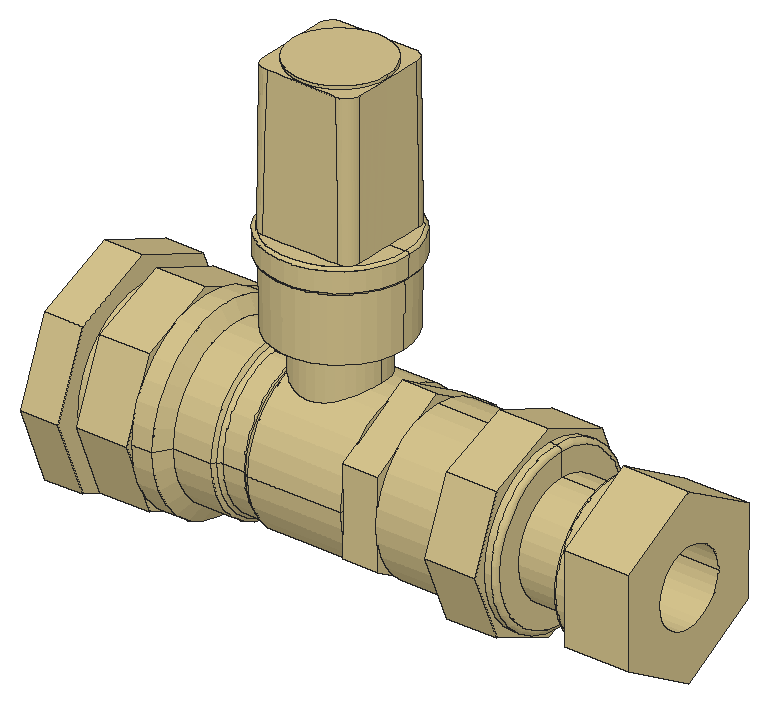
Revit family "QH00050000", category Apparecchi idraulici, Revit 2016
Family settings
  Tipo di parte = Normale
  Quota connettore circolare = Usa diametro
  Numero OmniClass = 23.45.00.00
  Titolo OmniClass = Sanitary, Laundry, and Cleaning Equipment
  Basato su piano di lavoro = No
  Sempre verticale = Sì
  Taglio con vuoti quando caricato = No
  Condiviso = No
  Punto di calcolo locali = No
Parameters
  URL = "https://web.cimberio.it/index.php/figura/986?subcategoria_id=43550"
  Produttore = "CIMBERIO SPA"
  Modello = "Cim 278/206"
  DN Model [instance] = QH00053139 : QH00053139
  DN [instance] = 15 mm
Reference planes
  plane 1 "Centro (Fronte/Retro)": y = 0
  plane 2: z = 0
  plane 3 "Centro (Sinistra/Destra)": x = 0
Dimensions and locks
  aligned and locked: level to plane 2
Nested families
  nested 1: "QH00053139" at (0, 0, 0), type <- "DN Model", type "QH00053139"
  nested 2: "QH00053139" at (0, 0, 0), type <- "DN Model", type "QH00053139"
  nested 3: "QH00053139" at (0, 0, 0), type <- "DN Model", type "QH00053139"
  nested 4: "QH00053139" at (0, 0, 0), type <- "DN Model", type "QH00053139"
Connectors
  piping at (70.4, 0, 0), diameter 15, driven by "DN"
    settings: on nested 1, index 1, connector inside diameter 609.6 mm, connector length 0 mm, flow factor 0, pipe flow 0.0 L/s, pressure drop 0.0 Pa, fitting loss kfactor 0, connector angle 0.00°, fixture units 0, engagement length 0 mm, angle of deflection 0.00°, flow configuration 0, flow direction 0, fitting loss method 0, system type 7, joint type 0, gender type 0, connector reference index -1, connector utility 0, adjustable connector no, is connector primary yes, connector description ""
  piping at (-47.388, 0, 0), diameter 15, driven by "DN"
    settings: on nested 1, index 2, connector inside diameter 609.6 mm, connector length 0 mm, flow factor 0, pipe flow 0.0 L/s, pressure drop 0.0 Pa, fitting loss kfactor 0, connector angle 0.00°, fixture units 0, engagement length 0 mm, angle of deflection 0.00°, flow configuration 0, flow direction 0, fitting loss method 0, system type 7, joint type 0, gender type 0, connector reference index -1, connector utility 0, adjustable connector no, is connector primary no, connector description ""
Definition of nested family "QH00053139"
  Parameters (values of type "QH00053139")
    Model = "QD40403139"
    DN [instance] = "3/4\""
  Reference planes
    plane 1 "Centro (Fronte/Retro)": y = 0
    plane 2: z = 0
    plane 3 "Centro (Sinistra/Destra)": x = 0
  Forms (mm)
    Revolve 1, solid
      sketch origin (0, 0, 0) x (1, 0, 0) y (0, 0, 1)
        loop
          line (0.063, 27.3) -> (0.063, 11.623) -> (8.5, 11.623) -> (8.5, 21)
          arc (8.5, 21) -> (8.863, 21.294) -> (9, 21.742) r 0.8
          line (9, 21.742) -> (9, 27.3) -> (0.063, 27.3)
        axis (0.063, 11.623) -> (0.063, 27.3)
      angle from 0 to 360
    Revolve 2, solid
      sketch origin (0, 0, 0) x (1, 0, 0) y (0, 0, 1)
        loop
          line (0, 30.531) -> (-6.985, 30.531) -> (-6.985, 27.3) -> (0, 27.3) -> (0, 30.531)
        axis (0, 30.531) -> (0, 27.3)
      angle from 0 to 360
    Revolve 3, solid
      sketch origin (0, 0, 0) x (1, 0, 0) y (0, 0, 1)
        loop
          line (54.9, 11) -> (44.7, 11) -> (44.7, 7.5) -> (54.9, 7.5) -> (54.9, 11)
        axis (44.7, 0) -> (54.9, 0)
      angle from 0 to 360
    Revolve 4, solid
      sketch origin (27.2, 0, 0) x (1, 0, 0) y (0, 0, 1)
        loop
          arc (28.2, 14.75) -> (27.846, 14.604) -> (27.7, 14.25) r 0.5
          line (27.7, 14.25) -> (27.7, 7.5) -> (30.262, 7.5) -> (30.262, 14.75) -> (28.2, 14.75)
        axis (27.7, 0) -> (30.262, 0)
      angle from 0 to 360
    Extrusion 5, solid
      sketch origin (10, 0, 0) x (0, 1, 0) y (0, 0, 1)
        loop
          circle (0, 0) r 7.5
        loop
          line (0, 17.4) -> (-15.069, 8.7) -> (-15.069, -8.7) -> (0, -17.4) -> (15.069, -8.7) -> (15.069, 8.7) -> (0, 17.4)
      from 47.4 to 60.4
    Extrusion 6, solid
      sketch origin (0, 0, 0) x (1, 0, 0) y (0, 0, 1)
        loop
          line (-13, 26.395) -> (-13, 19.375) -> (-12, 18.798) -> (-12, 10.345) -> (-7.86, 10.345) -> (-7.86, 26.395) -> (-13, 26.395)
      from -1.5 to 1.5
    Revolve 7, solid
      sketch origin (0, 0, 0) x (1, 0, 0) y (0, 1, 0)
        loop
          line (-27, 7.5) -> (12.6, 7.5) -> (12.6, 15.5) -> (-6.215, 15.5) -> (-6.893, 15.108)
          arc (-6.893, 15.108) -> (-7.229, 14.844) -> (-7.646, 14.75) r 0.971
          line (-7.646, 14.75) -> (-11.943, 14.75)
          arc (-11.943, 14.75) -> (-12.437, 14.887) -> (-12.799, 15.25) r 1
          line (-12.799, 15.25) -> (-13.232, 16) -> (-21, 16) -> (-22.732, 19) -> (-27, 19) -> (-27, 7.5)
        axis (-27, 0) -> (12.6, 0)
      angle from 0 to 360
    Extrusion 8, solid
      sketch origin (0, 0, 0) x (0, 1, 0) y (0, 0, 1)
        loop
          circle (0, 0) r 7.5
        loop
          line (0, 17.25) -> (-14.939, 8.625) -> (-14.939, -8.625) -> (0, -17.25) -> (14.939, -8.625) -> (14.939, 8.625) -> (0, 17.25)
      from 12.6 to 19.6
    Extrusion 9, solid
      sketch origin (-11, 0, 0) x (0, 0, 1) y (0, 1, 0)
        loop
          circle (0, 0) r 7.5
        loop
          line (20.15, 0) -> (14.248, 14.248) -> (0, 20.15) -> (-14.248, 14.248) -> (-20.15, 0) -> (-14.248, -14.248) -> (0, -20.15) -> (14.248, -14.248) -> (20.15, 0)
      from 16 to 26
    Revolve 10, solid
      sketch origin (0, 0, 0) x (1, 0, 0) y (0, 0, 1)
        loop
          line (-39.888, 16.5) -> (-39.888, 7.5) -> (-37, 7.5) -> (-37, 16.5) -> (-39.888, 16.5)
        axis (-39.888, 0) -> (-37, 0)
      angle from 0 to 360
    Extrusion 11, solid
      sketch origin (-11, 0, 0) x (0, 0, 1) y (0, 1, 0)
        loop
          circle (0, 0) r 7.5
        loop
          line (21.45, 0) -> (15.167, 15.167) -> (0, 21.45) -> (-15.167, 15.167) -> (-21.45, 0) -> (-15.167, -15.167) -> (0, -21.45) -> (15.167, -15.167) -> (21.45, 0)
      from 28.888 to 36.388
    Revolve 12, solid
      sketch origin (0, 0, 0) x (1, 0, 0) y (0, 0, 1)
        loop
          line (19.6, 15.5) -> (19.6, 7.5) -> (32.2, 7.5) -> (32.2, 15.5) -> (19.6, 15.5)
        axis (19.6, 0) -> (32.2, 0)
      angle from 0 to 360
    Revolve 13, solid
      sketch origin (0, 0, 0) x (1, 0, 0) y (0, 0, 1)
        loop
          line (42.2, 7.5) -> (44.7, 7.5) -> (44.7, 15.5)
          arc (44.7, 15.5) -> (44.407, 16.207) -> (43.7, 16.5) r 1
          line (43.7, 16.5) -> (42.2, 16.5) -> (42.2, 7.5)
        axis (42.2, 0) -> (44.7, 0)
      angle from 0 to 360
    Extrusion 14, solid
      sketch origin (0, 0, 0) x (0, 1, 0) y (0, 0, 1)
        loop
          circle (0, 0) r 7.5
        loop
          line (0, 18.75) -> (-13.258, 13.258) -> (-18.75, 0) -> (-13.258, -13.258) -> (0, -18.75) -> (13.258, -13.258) -> (18.75, 0) -> (13.258, 13.258) -> (0, 18.75)
      from 32.2 to 42.2
    Revolve 15, solid
      sketch origin (0, 0, 0) x (1, 0, 0) y (0, 0, 1)
        loop
          line (1.6, 22.8) -> (12.882, 22.8) -> (13, 35.8)
          arc (13, 35.8) -> (13.568, 35.915) -> (14, 36.3) r 1.108
          line (14, 36.3) -> (14, 40.3)
          arc (14, 40.3) -> (13.749, 40.657) -> (13.336, 40.8) r 0.708
          line (13.336, 40.8) -> (0, 40.8) -> (0, 28.8) -> (1.6, 28.8) -> (1.6, 22.8)
        axis (0, 40.8) -> (0, 22.8)
      angle from 0 to 360
    Blend 16, solid
      base sketch origin (0, 0, 28.55) x (1, 0, 0) y (0, 1, 0)
        loop
          line (7.5, 10) -> (-7.5, 10)
          arc (-7.5, 10) -> (-9.268, 9.268) -> (-10, 7.5) r 2.5
          line (-10, 7.5) -> (-10, -7.5)
          arc (-10, -7.5) -> (-9.268, -9.268) -> (-7.5, -10) r 2.5
          line (-7.5, -10) -> (7.5, -10)
          arc (7.5, -10) -> (9.268, -9.268) -> (10, -7.5) r 2.5
          line (10, -7.5) -> (10, 7.5)
          arc (10, 7.5) -> (9.268, 9.268) -> (7.5, 10) r 2.5
      top sketch origin (0, 0, 28.55) x (1, 0, 0) y (0, 1, 0)
        loop
          line (-9.8, 7.5) -> (-9.8, -7.321)
          arc (-9.8, -7.321) -> (-8.931, -9.244) -> (-6.886, -9.767) r 2.436
          line (-6.886, -9.767) -> (6.873, -9.776)
          arc (6.873, -9.776) -> (8.919, -9.231) -> (9.811, -7.311) r 2.496
          line (9.811, -7.311) -> (9.767, 6.886)
          arc (9.767, 6.886) -> (9.087, 9.053) -> (6.933, 9.776) r 2.5
          line (6.933, 9.776) -> (-6.873, 9.776)
          arc (-6.873, 9.776) -> (-8.829, 9.271) -> (-9.8, 7.5) r 2.542
      from 12.25 to 42.25
    Extrusion 17, solid
      sketch origin (0, 0, 28.55) x (1, 0, 0) y (0, 1, 0)
        loop
          circle (0, 0) r 9.5
      from 41.25 to 42.75
  Dimensions and locks
    aligned and locked: level to plane 2
